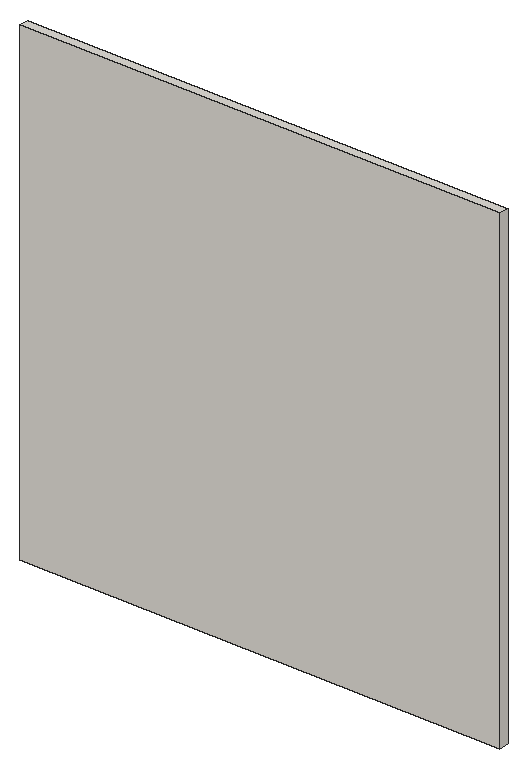
Revit family "BASE DECORADA BALEARES MULTICOLOR CU_603221791", category Modelos genéricos, Revit 2024
Family settings
  Puede alojar armadura = No
  Cota de conector redondo = Usar diámetro
  Tipo de pieza = Normal
  Se basa en plano de trabajo = No
  Siempre vertical = Sí
  Corte con vacíos al cargar = No
  Mantener orientación de anotación = No
  Compartido = No
  Punto de cálculo de habitación = No
Parameters
  Elevación por defecto = 0 mm
Reference planes
  plane 1 "Center (Front/Back)": y = 0
  plane 2: z = 0
  plane 3 "Center (Left/Right)": x = 0
Forms (mm)
  Extrusion 1, solid, material "Analytical Panels"
    sketch origin (0, 0, 0) x (1, 0, 0) y (0, 1, 0)
      loop
        line (-1366.384, -136.448) -> (-1366.384, -194.576) -> (1633.616, -194.576) -> (1633.616, -136.448) -> (-1366.384, -136.448)
    from 0 to 3000
Dimensions and locks
  Extrusion 1 sketch curve to Extrusion 1 sketch curve = 58.128 mm
  Extrusion 1 to Extrusion 1 = 3000 mm  (x2)
  aligned and locked: level to plane 2
